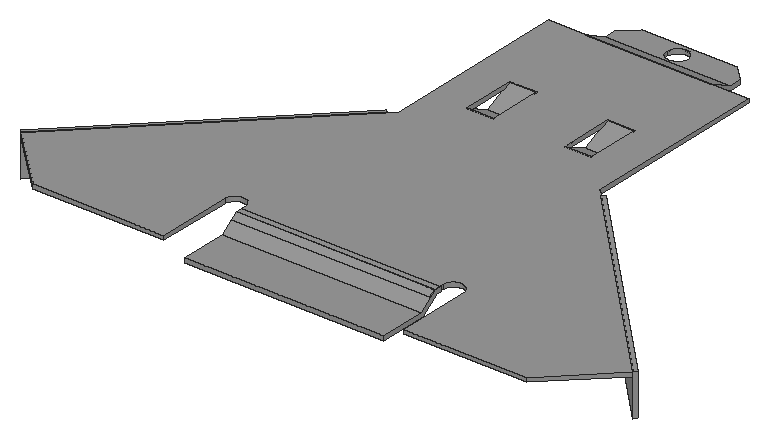
Revit family "Deckel- DFAA 050 FT.pdf", category Generic Models, Revit 2017
Family settings
  Can host rebar = No
  Round Connector Dimension = Use Diameter
  Part Type = Normal
  Work Plane-Based = No
  Always vertical = Yes
  Cut with Voids When Loaded = No
  Shared = No
  Room Calculation Point = No
Parameters (values of type "DFAA 050 FS")
  URL = "http://www.obo-bettermann.com"
  Material = Strip galvanised
  Manufacturer Art.No. = "7132110"
  Manufacturer = "OBO BETTERMANN"
  GTIN = "4012196687695"
  Article Type = "DFAA 050 FS"
Types (3, lengths in mm): name | Material | Manufacturer Art.No. | GTIN | Article Type
  (no name) | Strip galvanised | "7132110" | "4012196687695" | "DFAA 050 FS"
  DFAA 050 FT | Hot-dip galvanised | "7132115" | "4012196688685" | "DFAA 050 FT"
  DFAA 050 FS | Strip galvanised | "7132110" | "4012196687695" | "DFAA 050 FS"
Reference planes
  plane 1 "Center (Front/Back)": y = 0
  plane 2: z = 0
  plane 3 "Center (Left/Right)": x = 0
  plane 4: y = 121.3
  plane 5: y = 109.3
  plane 6: x = -24
  plane 7: x = 24
  plane 8: y = 64.6
  plane 9: y = 13.839
  plane 10: x = -74.539
  plane 11: x = 72.449
  plane 12: z = 1
  plane 13: x = -28.75
  plane 14: x = 28.75
  plane 15: x = -23.75
  plane 16: x = 23.75
  plane 17: y = 20.5
  plane 18: y = 18
  plane 19: y = 18
  plane 20: y = 11.3
  plane 21: y = 11.3
  plane 22: y = 0
  plane 23: z = -3
  plane 24: y = 121.6
  plane 25: z = -2
  plane 26: y = 115.2
  plane 27: through (4267.2, 109.3, 0) normal (0, 0.4532, 0.8914)
  plane 28: x = -15
  plane 29: x = 15
  plane 30: y = 118.1
  plane 31: x = -11.503
  plane 32: x = 11.5
  plane 33: y = 118.1
  plane 34: y = 118.1
  plane 35: y = 80
  plane 36: x = -11.75
  plane 37: x = 11.75
  plane 38: z = -3.2
  plane 39: y = 80
  plane 40: y = 63.625
  plane 41: z = -9
Forms (mm)
  Extrusion 1, solid, material "Strip galvanised" <- "Material"
    sketch origin (0, 0, 0) x (1, 0, 0) y (0, 1, 0)
      loop
        line (-0.574, 0) -> (21.637, 0) -> (58.176, 0) -> (72.318, 14.142) -> (24, 64.6) -> (24, 109.3) -> (0, 109.3) -> (-24, 109.3) -> (-24, 64.6) -> (-74.472, 14.128) -> (-60.344, 0) -> (-0.574, 0)
    from 0 to 1
  Extrusion 2, void
    sketch origin (0, 0, 0) x (1, 0, 0) y (0, 1, 0)
      loop
        line (-28.75, 0) -> (-23.75, 0) -> (-23.75, 18.038)
        arc (-23.75, 18.038) -> (-26.25, 20.538) -> (-28.75, 18.038) r 2.5
        line (-28.75, 18.038) -> (-28.75, 0)
      loop
        line (23.75, 0) -> (28.75, 0) -> (28.75, 18.025)
        arc (28.75, 18.025) -> (26.25, 20.525) -> (23.75, 18.025) r 2.5
        line (23.75, 18.025) -> (23.75, 0)
    from 0 to 1
  Extrusion 3, solid, material "Strip galvanised" <- "Material"
    sketch origin (0, 0, 0) x (0, 1, 0) y (0, 0, 1)
      loop
        line (0, -3) -> (11.615, -3) -> (15.893, -0.004) -> (16.937, -0.004) -> (16.937, 1) -> (15.584, 1) -> (11.3, -2) -> (0, -2) -> (0, -3)
    from -23.75 to 24
  Extrusion 4, void
    sketch origin (0, 0, 0) x (1, 0, 0) y (0, 1, 0)
      loop
        line (-23.75, 0) -> (24, 0) -> (24, 14.142) -> (-23.75, 14.142) -> (-23.75, 0)
    from 0 to 1
  Extrusion 5, void
    sketch origin (0, 0, 0) x (0, 1, 0) y (0, 0, 1)
      loop
        line (14.123, -0.004) -> (15.578, 1.015) -> (14.123, 1.015) -> (14.123, -0.004)
    from -23.75 to 24
  Extrusion 6, solid, material "Strip galvanised" <- "Material"
    sketch origin (0, 0, 0) x (0, 1, 0) y (0, 0, 1)
      loop
        line (109.3, 1) -> (109.3, 0) -> (115.2, -3) -> (121.6, -3) -> (121.6, -2) -> (115.2, -2) -> (109.3, 1)
    from -15 to 15
  Extrusion 7, void
    sketch origin (0, 0, 0) x (1, 0, 0) y (0, 1, 0)
      loop
        line (-11.503, 121.6) -> (-15, 121.6) -> (-15, 118.103) -> (-11.503, 121.6)
      loop
        line (11.5, 121.6) -> (15, 118.1) -> (15, 121.6) -> (11.5, 121.6)
    from -2 to -3
  Extrusion 8, void
    sketch origin (0, 0, 0) x (1, 0, 0) y (0, 1, 0)
      loop
        circle (0, 118.1) r 2.52
    from -2 to -3
  Extrusion 9, void
    sketch origin (0, 0, 0) x (1, 0, 0) y (0, 1, 0)
      loop
        line (-15, 86.5) -> (-15, 73.5) -> (-8.5, 73.5) -> (-8.5, 86.5) -> (-15, 86.5)
      loop
        line (8.5, 86.5) -> (8.5, 73.5) -> (15, 73.5) -> (15, 86.5) -> (8.5, 86.5)
    from 1 to 0
  Extrusion 10, solid, material "Strip galvanised" <- "Material"
    sketch origin (0, 0, 0) x (0, 1, 0) y (0, 0, 1)
      loop
        line (73.5, 0) -> (80, -3.2) -> (86.5, 0) -> (86.5, 1) -> (80, -2.2) -> (73.5, 1) -> (73.5, 0)
    from 15 to 8.5
  Extrusion 11, solid, material "Strip galvanised" <- "Material"
    sketch origin (0, 0, 0) x (0, 1, 0) y (0, 0, 1)
      loop
        line (73.5, 1) -> (73.5, 0) -> (80, -3.2) -> (86.5, 0) -> (86.5, 1) -> (80, -2.2) -> (73.5, 1)
    from -8.5 to -15
  Extrusion 12, solid, material "Strip galvanised" <- "Material"
    sketch origin (0, 0, 0) x (1, 0, 0) y (0, 1, 0)
      loop
        line (-74.472, 14.128) -> (-25.675, 62.912) -> (-26.389, 63.625) -> (-75.179, 14.835) -> (-74.472, 14.128)
      loop
        line (72.318, 14.142) -> (73.007, 14.869) -> (26.34, 63.602) -> (25.639, 62.895) -> (72.318, 14.142)
    from 1 to -9
Cuts and joins
  Extrusion 2, Extrusion 4, Extrusion 5, Extrusion 9 cuts Extrusion 1
  Extrusion 4, Extrusion 5 cuts Extrusion 3
  Extrusion 7, Extrusion 8 cuts Extrusion 6
Dimensions and locks
  locked: Extrusion 1 sketch curve to Extrusion 1 sketch curve at 20
  locked: plane 1 "Center (Front/Back)" to plane 4 at 121.3
  locked: plane 4 to plane 5 at 12
  locked: plane 5 to plane 8 at 44.7
  locked: Extrusion 1 sketch curve to Extrusion 1 sketch curve at 58.75
  locked: plane 6 to plane 3 "Center (Left/Right)" at 24
  locked: plane 3 "Center (Left/Right)" to plane 7 at 24
  locked: Extrusion 1 sketch curve to Extrusion 1 sketch curve at 146.791
  locked: Extrusion 1 sketch curve to Extrusion 1 sketch curve at 109.3
  locked: Extrusion 1 sketch curve to Extrusion 1 sketch curve at 48
  locked: Extrusion 1 sketch curve to Extrusion 1 sketch curve at 118.52
  locked: Extrusion 1 sketch curve to plane 3 "Center (Left/Right)" at 24
  locked: plane 12 to level at 1
  plane 3 "Center (Left/Right)" to plane 14 = 28.75 mm
  plane 13 to plane 3 "Center (Left/Right)" = 28.75 mm
  locked: plane 13 to plane 15 at 5
  locked: plane 16 to plane 14 at 5
  locked: Extrusion 1 to plane 17 at 20.5
  locked: cut or joined group of Extrusion 1, Extrusion 2, Extrusion 4, Extrusion 5, Extrusion 9 to plane 20 at 11.3
  plane 1 "Center (Front/Back)" to plane 20 = 11.3 mm
  locked: plane 22 to plane 21 at 11.3
  locked: plane 23 to cut or joined group of Extrusion 1, Extrusion 2, Extrusion 4, Extrusion 5, Extrusion 9 at 3
  locked: Extrusion 3 sketch curve to Extrusion 3 sketch curve at 1  (x2)
  locked: Extrusion 3 sketch curve to plane 21 at 11.3
  locked: cut or joined group of Extrusion 1, Extrusion 2, Extrusion 4, Extrusion 5, Extrusion 9 to plane 24 at 12.3
  locked: plane 12 to plane 25 at 3
  locked: plane 26 to plane 24 at 6.4
  locked: Extrusion 6 sketch curve to Extrusion 6 sketch curve at 1
  cut or joined group of Extrusion 1, Extrusion 2, Extrusion 4, Extrusion 5, Extrusion 9 to Extrusion 6 sketch curve = 12.3 mm
  locked: Extrusion 6 sketch curve to Extrusion 6 sketch curve at 0.891
  locked: cut or joined group of Extrusion 1, Extrusion 2, Extrusion 4, Extrusion 5, Extrusion 9 to Extrusion 6 sketch curve at 12.3
  locked: plane 12 to Extrusion 6 sketch curve at 4
  locked: Extrusion 6 sketch curve to Extrusion 6 sketch curve at 7.128
  locked: Extrusion 6 sketch curve to Extrusion 6 sketch curve at 6.619
  locked: Extrusion 6 sketch curve to Extrusion 6 sketch curve at 12.661
  locked: Extrusion 6 to plane 3 "Center (Left/Right)" at 15
  locked: plane 3 "Center (Left/Right)" to Extrusion 6 at 15
  locked: Extrusion 6 to Extrusion 6 at 12.3
  locked: Extrusion 6 to plane 30 at 3.5
  locked: Extrusion 6 to plane 33 at 3.5
  locked: plane 32 to Extrusion 6 at 3.5
  locked: Extrusion 6 to plane 31 at 3.497
  locked: cut or joined group of Extrusion 6, Extrusion 7, Extrusion 8 to plane 34 at 3.5
  locked: plane 3 "Center (Left/Right)" to Extrusion 8 sketch curve
  locked: plane 3 "Center (Left/Right)" to Extrusion 8 sketch curve at 2.52
  locked: cut or joined group of Extrusion 1, Extrusion 2, Extrusion 4, Extrusion 5, Extrusion 9 to plane 35 at 29.3
  locked: plane 3 "Center (Left/Right)" to plane 37 at 11.75
  locked: plane 36 to plane 3 "Center (Left/Right)" at 11.75
  locked: Extrusion 9 sketch curve to Extrusion 9 sketch curve at 6.5  (x2)
  locked: plane 36 to Extrusion 9 sketch curve at 3.25
  locked: Extrusion 9 sketch curve to Extrusion 9 sketch curve at 13
  locked: plane 35 to Extrusion 9 sketch curve at 6.5
  locked: Extrusion 9 sketch curve to plane 37 at 3.25
  plane 38 to cut or joined group of Extrusion 1, Extrusion 2, Extrusion 4, Extrusion 5, Extrusion 9 = 3.2 mm
  locked: cut or joined group of Extrusion 1, Extrusion 2, Extrusion 4, Extrusion 5, Extrusion 9 to cut or joined group of Extrusion 1, Extrusion 2, Extrusion 4, Extrusion 5, Extrusion 9 at 13  (x2)
  locked: cut or joined group of Extrusion 1, Extrusion 2, Extrusion 4, Extrusion 5, Extrusion 9 to Extrusion 10 sketch curve at 4.2
  locked: Extrusion 10 sketch curve to Extrusion 10 sketch curve at 0.897  (x2)
  locked: Extrusion 10 sketch curve to Extrusion 10 sketch curve at 7.245  (x2)
  locked: Extrusion 10 to Extrusion 10 at 0.897  (x2)
  locked: Extrusion 11 sketch curve to cut or joined group of Extrusion 1, Extrusion 2, Extrusion 4, Extrusion 5, Extrusion 9 at 3.2
  locked: Extrusion 11 sketch curve to Extrusion 11 sketch curve at 7.245  (x2)
  locked: Extrusion 12 sketch curve to cut or joined group of Extrusion 1, Extrusion 2, Extrusion 4, Extrusion 5, Extrusion 9 at 1  (x2)
  locked: Extrusion 12 sketch curve to Extrusion 12 sketch curve at 69
  locked: Extrusion 12 sketch curve to Extrusion 12 sketch curve at 148.186
  locked: Extrusion 12 sketch curve to Extrusion 12 sketch curve at 51.314
  locked: cut or joined group of Extrusion 1, Extrusion 2, Extrusion 4, Extrusion 5, Extrusion 9 to plane 41 at 10
  locked: plane 1 "Center (Front/Back)" to Extrusion 1 sketch curve (angle 45.00°)
  locked: Extrusion 1 sketch curve to plane 1 "Center (Front/Back)" (angle 45.00°)
  angle plane 27 to Extrusion 6 sketch curve = 26.9522°
  aligned and locked: level to plane 2
  aligned and locked: plane 1 "Center (Front/Back)" to Extrusion 1 sketch curve
  aligned and locked: plane 1 "Center (Front/Back)" to Extrusion 1  (x2)
  aligned and locked: plane 12 to Extrusion 1
  aligned and locked: Extrusion 2 to level
  aligned and locked: Extrusion 1 to Extrusion 2
  aligned and locked: plane 1 "Center (Front/Back)" to Extrusion 3
  aligned and locked: Extrusion 4 to Extrusion 1
  aligned and locked: plane 12 to Extrusion 3 sketch curve
  aligned and locked: Extrusion 5 to Extrusion 2
  aligned and locked: Extrusion 5 to Extrusion 1
  aligned and locked: Extrusion 6 to cut or joined group of Extrusion 1, Extrusion 2, Extrusion 4, Extrusion 5, Extrusion 9
  aligned and locked: Extrusion 6 to plane 28
  aligned and locked: plane 29 to Extrusion 6
  aligned and locked: Extrusion 7 to Extrusion 6
  aligned and locked: Extrusion 6 to Extrusion 7
  aligned and locked: Extrusion 6 to Extrusion 8  (x2)
  aligned and locked: Extrusion 9 sketch curve to Extrusion 9 sketch curve  (x2)
  aligned and locked: Extrusion 1 to Extrusion 9
  aligned and locked: Extrusion 9 to level
  aligned and locked: Extrusion 10 sketch curve to cut or joined group of Extrusion 1, Extrusion 2, Extrusion 4, Extrusion 5, Extrusion 9
  aligned and locked: Extrusion 9 to Extrusion 10
  aligned and locked: Extrusion 10 to cut or joined group of Extrusion 1, Extrusion 2, Extrusion 4, Extrusion 5, Extrusion 9  (x2)
  aligned and locked: Extrusion 11 to cut or joined group of Extrusion 1, Extrusion 2, Extrusion 4, Extrusion 5, Extrusion 9  (x4)
  aligned and locked: Extrusion 11 to Extrusion 10  (x3)
  aligned and locked: Extrusion 12 to cut or joined group of Extrusion 1, Extrusion 2, Extrusion 4, Extrusion 5, Extrusion 9  (x3)
  aligned and locked: Extrusion 12 to plane 41
  aligned and locked: plane 12 to Extrusion 12
Automatic sketch dimensions
  Extrusion 1 sketch curve to plane 3 "Center (Left/Right)" = 0 mm
  Extrusion 1 sketch curve to plane 8 = 0 mm
  plane 8 to Extrusion 1 sketch curve = 0 mm
  Extrusion 1 sketch curve to plane 7 = 2.363 mm
  Extrusion 2 sketch curve to plane 13 = 0 mm
  plane 1 "Center (Front/Back)" to Extrusion 2 sketch curve = 0 mm  (x2)
  Extrusion 2 sketch curve to plane 15 = 0 mm
  Extrusion 2 sketch curve to plane 16 = 0 mm
  Extrusion 2 sketch curve to plane 14 = 0 mm
  plane 18 to Extrusion 2 sketch curve = 0.038 mm
  plane 18 to Extrusion 2 sketch curve = 0.025 mm
  plane 1 "Center (Front/Back)" to Extrusion 4 sketch curve = 0 mm
  Extrusion 4 sketch curve to plane 14 = 4.75 mm
  plane 20 to Extrusion 4 sketch curve = 2.842 mm
  plane 13 to Extrusion 4 sketch curve = 5 mm
  Extrusion 3 sketch curve to plane 20 = 0 mm
  Extrusion 3 sketch curve to plane 23 = 0 mm
  Extrusion 3 sketch curve to Extrusion 3 sketch curve = 0.315 mm
  Extrusion 3 sketch curve to level = 0.004 mm
  Extrusion 3 sketch curve to Extrusion 3 sketch curve = 1.044 mm
  Extrusion 5 sketch curve to level = 0.004 mm
  plane 12 to Extrusion 5 sketch curve = 0.015 mm
  plane 20 to Extrusion 5 sketch curve = 4.278 mm
  Extrusion 5 sketch curve to Extrusion 5 sketch curve = 1.455 mm
  Extrusion 7 sketch curve to plane 28 = 0 mm
  Extrusion 7 sketch curve to plane 31 = 0 mm
  Extrusion 7 sketch curve to plane 32 = 0 mm
  Extrusion 7 sketch curve to plane 29 = 0 mm
  plane 30 to Extrusion 7 sketch curve = 0 mm
  plane 30 to Extrusion 7 sketch curve = 0.003 mm
  plane 30 to Extrusion 7 sketch curve = 3.5 mm  (x2)
  Extrusion 8 sketch curve to plane 34 = 0 mm
  Extrusion 10 sketch curve to level = 0 mm
  Extrusion 10 sketch curve to plane 39 = 0 mm
  Extrusion 11 sketch curve to plane 12 = 0 mm  (x2)
  Extrusion 11 sketch curve to level = 0 mm  (x2)
  Extrusion 11 sketch curve to plane 39 = 0 mm  (x2)
  plane 38 to Extrusion 11 sketch curve = 1 mm
  plane 40 to Extrusion 12 sketch curve = 0 mm
  plane 20 to Extrusion 12 sketch curve = 2.828 mm
  Extrusion 12 sketch curve to plane 40 = 0.73 mm
  Extrusion 12 sketch curve to plane 40 = 0.023 mm
  plane 20 to Extrusion 12 sketch curve = 2.842 mm
  plane 14 to Extrusion 12 sketch curve = 43.568 mm
  Extrusion 12 sketch curve to plane 40 = 0.713 mm
